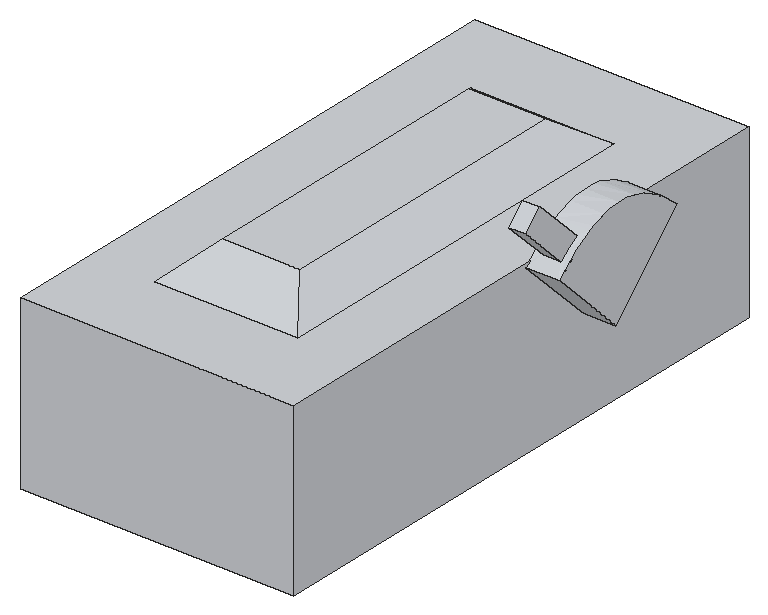
Revit family "Disconnect Switch", category Electrical Fixtures, host Face, Revit 2025
Family settings
  Host = Face
  Round Connector Dimension = Use Diameter
  Part Type = Normal
  Cut with Voids When Loaded = Yes
  Maintain Annotation Orientation = Yes
  Shared = No
  Room Calculation Point = No
Parameters
  Width = 10 1/4"
  Height = 21 1/4"
  Depth = 6.38"
  Default Elevation = 48"
Reference planes (in)
  plane 1 "Center (Front/Back)": y = 0
  plane 2: z = 0
  plane 3 "Center (Left/Right)": x = 0
  plane 4 "face": z = 6.38
  plane 5 "right": x = 5.125
  plane 6: x = 6.375
Forms (in)
  Extrusion 1, solid
    sketch origin (0, 0, 0) x (1, 0, 0) y (0, 1, 0)
      loop
        line (-5.125, 10.625) -> (-5.125, -10.625) -> (5.125, -10.625) -> (5.125, 10.625) -> (-5.125, 10.625)
    from 0 to 6.38
  Blend 2, solid
    base sketch origin (0, 0, 6.38) x (-1, 0, 0) y (0, -1, 0)
      loop
        line (2.67434, -7.39522) -> (2.67434, 7.39522) -> (-2.67434, 7.39522) -> (-2.67434, -7.39522) -> (2.67434, -7.39522)
    top sketch origin (0, 0, 6.38) x (-1, 0, 0) y (0, -1, 0)
      loop
        line (1.44746, -5.74104) -> (1.44746, 5.74104) -> (-1.44746, 5.74104) -> (-1.44746, -5.74104) -> (1.44746, -5.74104)
    from 0 to 1.12081
  Extrusion 3, solid
    sketch origin (5.125, 0, 0) x (0, 1, 0) y (0, 0, 1)
      loop
        line (0.21944, 6.22439) -> (2.87109, 3.57274) -> (5.69952, 6.40116)
        spline (5.69952, 6.40116) -> (5.2591, 6.80229) -> (4.81573, 7.12781) -> (4.3694, 7.37772) -> (3.92012, 7.55202) -> (3.46788, 7.65071) -> (3.01269, 7.67378) -> (2.55454, 7.62124) -> (2.09343, 7.49309) -> (1.62937, 7.28933) -> (1.16235, 7.00996) -> (0.69237, 6.65498) -> (0.21944, 6.22439)
    from 0 to 1.25
  Extrusion 4, solid
    sketch origin (5.125, 0, 0) x (0, 1, 0) y (0, 0, 1)
      loop
        line (2.35292, 4.89372) -> (2.98122, 5.52202) -> (-0.37753, 8.88078) -> (-1.00583, 8.25248) -> (2.35292, 4.89372)
    from 0.34908 to 0.98798
Cuts and joins
  joined: Extrusion 3, Extrusion 4
Dimensions and locks (in)
  equal spacing: Extrusion 1 sketch curve, plane 3 "Center (Left/Right)", Extrusion 1 sketch curve
  equal spacing: Extrusion 1 sketch curve, plane 1 "Center (Front/Back)", Extrusion 1 sketch curve
  "Height": Extrusion 1 sketch curve to Extrusion 1 sketch curve
  "Width": Extrusion 1 sketch curve to Extrusion 1 sketch curve
  "Depth": plane 4 "face" to plane 2
  equal spacing: Blend 2 sketch curve, plane 3 "Center (Left/Right)", Blend 2 sketch curve  (x2)
  equal spacing: Blend 2 sketch curve, plane 1 "Center (Front/Back)", Blend 2 sketch curve  (x2)
  Blend 2 sketch curve to Blend 2 sketch curve = 14.79043"
  Blend 2 sketch curve to Blend 2 sketch curve = 5.34868"
  aligned and locked: plane 2 to host face
  aligned and locked: level to host face
  aligned and locked: plane 4 "face" to Extrusion 1
  aligned and locked: plane 5 "right" to Extrusion 1
  aligned and locked: plane 6 to Extrusion 3
Automatic sketch dimensions
  host sketch curve to host sketch curve = 96"  (x2)
  plane 3 "Center (Left/Right)" to Blend 2 sketch curve = 1.44746"
  Blend 2 sketch curve to plane 1 "Center (Front/Back)" = 5.74104"
  Extrusion 3 sketch curve to plane 1 "Center (Front/Back)" = 0.21944"
  Extrusion 3 sketch curve to plane 1 "Center (Front/Back)" = 2 223/256"
  plane 4 "face" to Extrusion 3 sketch curve = 0.02116"
  Extrusion 3 sketch curve to Extrusion 3 sketch curve = 2.82843"
  Extrusion 3 sketch curve to plane 4 "face" = 0.15561"
  plane 1 "Center (Front/Back)" to Extrusion 4 sketch curve = 0.37753"
  Extrusion 4 sketch curve to plane 1 "Center (Front/Back)" = 2.35292"
  Extrusion 4 sketch curve to Extrusion 4 sketch curve = 0.6283"  (x2)
  Extrusion 4 sketch curve to plane 4 "face" = 0.85798"
Nested families (in)
  nested 1: "Wall Mounted" at (0, 0, 0), type "Family4", not visible
  nested 2: "Wall Mounted 1" at (0, 0, 0), type "Family4"
Definition of nested family "Wall Mounted"
  Parameters (values of type "Family4")
    Size Half = Size / 2  # 0.08333"
    Size = 0.16667"
  Reference planes (in)
    plane 1: y = 0
    plane 2: x = 0
  Lines and regions (in)
    detail lines
      curve 1: line (-0.08333, 0, 0) -> (-0.08333, 0.16667, 0)
      curve 2: line (-0.08333, 0.16667, 0) -> (0.08333, 0.16667, 0)
      curve 3: line (0.08333, 0.16667, 0) -> (0.08333, 0, 0)
      curve 4: line (-0.08333, 0, 0) -> (0.08333, 0, 0)
      curve 5: line (0, 0.16667, 0) -> (0, 0.25, 0)
      curve 6: line (0, 0.25, 0) -> (0.08333, 0.25, 0)
  Dimensions and locks (in)
    "Size": curve 1 to curve 3
    equal spacing: curve 1, plane 2, curve 3
    "Size": plane 1 to curve 2
    "Size Half": curve 2 to curve 6
    aligned and locked: curve 6 to curve 3
  Automatic sketch dimensions
    curve 5 to plane 2 = 0"
    plane 1 to curve 1 = 0"
Definition of nested family "Wall Mounted 1"
  Parameters (values of type "Family4")
    Size Half = Size / 2  # 0.08333"
    Size = 0.16667"
  Reference planes (in)
    plane 1: y = 0
    plane 2: x = 0
  Lines and regions (in)
    detail lines
      curve 1: line (0.08333, 0, 0) -> (-0.08333, 0, 0)
      curve 2: line (-0.08333, 0, 0) -> (-0.08333, 0.16667, 0)
      curve 3: line (-0.08333, 0.16667, 0) -> (0.08333, 0.16667, 0)
      curve 4: line (0.08333, 0, 0) -> (0.08333, 0.16667, 0)
      curve 5: line (-0.08333, 0.08333, 0) -> (-0.16667, 0.08333, 0)
      curve 6: line (-0.16667, 0.08333, 0) -> (-0.16667, 0.16667, 0)
